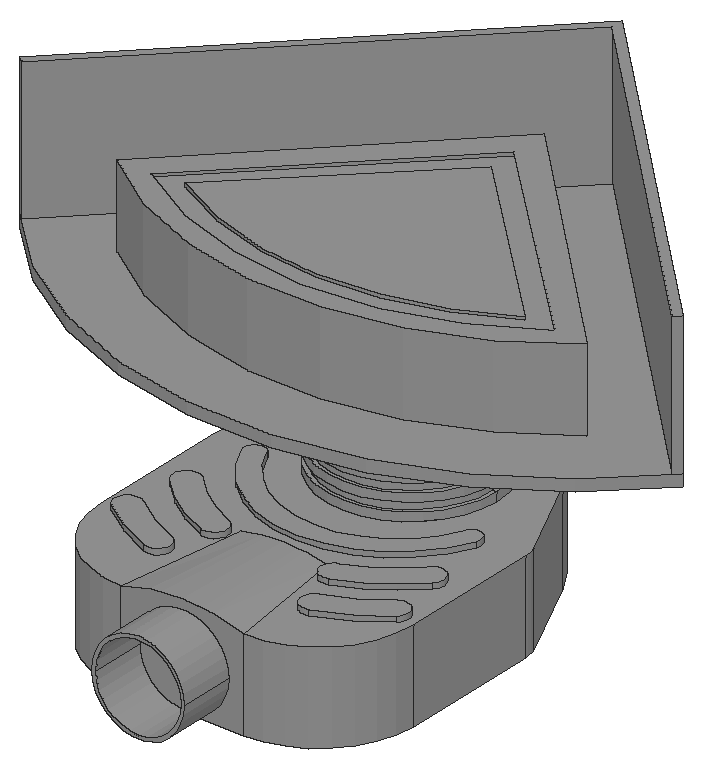
Revit family "LINEA INFLOOR LINE 60", category Plumbing Fixtures, Revit 2019
Family settings
  Round Connector Dimension = Use Diameter
  Part Type = Normal
  OmniClass Number = 23.45.00.00
  OmniClass Title = Sanitary, Laundry, and Cleaning Equipment
  Work Plane-Based = No
  Always vertical = Yes
  Cut with Voids When Loaded = No
  Shared = No
  Room Calculation Point = No
Reference planes
  plane 1 "Center (Front/Back)": y = 0
  plane 2: z = 0
  plane 3 "Center (Left/Right)": x = 0
Forms (mm)
  Revolve 1, solid
    sketch origin (0, 59.948, 26) x (1, 0, 0) y (0, 0, 1)
      loop
        line (192.5, 0) -> (192.5, -106) -> (242.5, -106) -> (242.5, -103) -> (240.26, -103) -> (240.26, -98) -> (242.5, -98) -> (242.5, -93) -> (240.26, -93) -> (240.26, -88) -> (242.5, -88) -> (242.5, -83) -> (240.26, -83) -> (240.26, -78) -> (242.5, -78) -> (242.5, -73) -> (240.26, -73) -> (240.26, -68) -> (242.5, -68) -> (242.5, -63) -> (240.26, -63) -> (240.26, -58) -> (242.5, -58) -> (242.5, -53) -> (240.26, -53) -> (240.26, -48) -> (242.5, -48) -> (242.5, -43) -> (240.26, -43) -> (240.26, -38) -> (242.5, -38) -> (242.5, -33) -> (240.26, -33) -> (240.26, -28) -> (242.5, -28) -> (242.5, 0) -> (192.5, 0)
      axis (192.5, -106) -> (192.5, 0)
    angle from 0 to 360
  Extrusion 2, solid
    sketch origin (0, 0, 0) x (1, 0, 0) y (0, 1, 0)
      loop
        line (101.5, 29.896) -> (101.5, -52.052)
        arc (101.5, -52.052) -> (117.609, -90.943) -> (156.5, -107.052) r 55
        line (156.5, -107.052) -> (228.5, -107.052)
        arc (228.5, -107.052) -> (267.391, -90.943) -> (283.5, -52.052) r 55
        line (283.5, -52.052) -> (283.5, 29.896)
        arc (283.5, 29.896) -> (283.085, 33.627) -> (281.862, 37.176) r 17
        line (281.862, 37.176) -> (256.659, 90.355)
        arc (256.659, 90.355) -> (192.5, 130.948) -> (128.341, 90.355) r 71
        line (128.341, 90.355) -> (103.138, 37.176)
        arc (103.138, 37.176) -> (101.915, 33.627) -> (101.5, 29.896) r 17
    from -106 to -53
  Extrusion 3, solid
    sketch origin (0, 0, 7.5) x (1, 0, 0) y (0, 0, 1)
      loop
        circle (192.5, -87) r 25
      loop
        circle (192.5, -87) r 27
    from 87.052 to 139.052
  Blend 4, solid
    base sketch origin (0, 0, 0) x (1, 0, 0) y (0, 0, 1)
      loop
        line (156.5, -53) -> (228.5, -53)
        arc (228.5, -53) -> (192.5, -47) -> (156.5, -53) r 111
    top sketch origin (0, 0, 0) x (1, 0, 0) y (0, 0, 1)
      loop
        line (167.222, -53) -> (217.778, -53)
        arc (217.778, -53) -> (192.5, -50) -> (167.222, -53) r 108
    from 107.052 to 33.19
  Extrusion 5, solid
    sketch origin (0, 0, 0) x (1, 0, 0) y (0, 1, 0)
      loop
        arc (135.068, 26.59) -> (127.25, 29.888) -> (123.952, 22.07) r 6
        arc (123.952, 22.07) -> (192.5, -24.052) -> (261.048, 22.07) r 74
        arc (261.048, 22.07) -> (257.75, 29.888) -> (249.932, 26.59) r 6
        arc (249.932, 26.59) -> (192.5, -12.052) -> (135.068, 26.59) r 62
      loop
        arc (126.84, -10.134) -> (115.996, -9.345) -> (115.733, -20.215) r 7.509
        arc (115.733, -20.215) -> (133.807, -35.907) -> (154.989, -47.052) r 104
        arc (154.989, -47.052) -> (164.69, -42.762) -> (160.399, -33.062) r 7.5
        arc (160.399, -33.062) -> (142.294, -23.539) -> (126.84, -10.134) r 89
      loop
        arc (119.682, -44.172) -> (108.999, -44.172) -> (108.999, -54.855) r 7.554
        arc (108.999, -54.855) -> (125.817, -66.282) -> (144.169, -75.033) r 134
        arc (144.169, -75.033) -> (153.869, -70.743) -> (149.579, -61.042) r 7.5
        arc (149.579, -61.042) -> (134.019, -53.691) -> (119.682, -44.172) r 119
      loop
        arc (258.16, -10.134) -> (242.706, -23.539) -> (224.601, -33.062) r 89
        arc (224.601, -33.062) -> (220.31, -42.762) -> (230.011, -47.052) r 7.5
        arc (230.011, -47.052) -> (251.193, -35.907) -> (269.267, -20.215) r 104
        arc (269.267, -20.215) -> (269.004, -9.345) -> (258.16, -10.134) r 7.509
      loop
        arc (265.318, -44.172) -> (250.981, -53.691) -> (235.421, -61.042) r 119
        arc (235.421, -61.042) -> (231.131, -70.743) -> (240.831, -75.033) r 7.5
        arc (240.831, -75.033) -> (259.183, -66.282) -> (276.001, -54.855) r 134
        arc (276.001, -54.855) -> (276.001, -44.172) -> (265.318, -44.172) r 7.554
    from -53 to -49.925
  Extrusion 6, solid
    sketch origin (0, 0, 0) x (1, 0, 0) y (0, 1, 0)
      loop
        arc (56.62, 14.948) -> (193.62, -35.052) -> (330.62, 14.948) r 212.69
        line (330.62, 14.948) -> (193.62, 154.948) -> (56.62, 14.948)
    from 33.095 to 81
  Extrusion 7, solid
    sketch origin (0, 0, 0) x (1, 0, 0) y (0, 1, 0)
      loop
        line (193.62, 212.139) -> (0.448, 14.737)
        arc (0.448, 14.737) -> (193.62, -75.052) -> (386.792, 14.737) r 252.69
        line (386.792, 14.737) -> (193.62, 212.139)
    from 26 to 33.095
  Extrusion 8, solid
    sketch origin (0, 0, 0) x (1, 0, 0) y (0, 1, 0)
      loop
        line (0.448, 14.737) -> (3.983, 11.201) -> (193.62, 204.99) -> (383.218, 11.24) -> (386.754, 14.775) -> (193.62, 212.139) -> (0.448, 14.737)
    from 33.095 to 115.405
  Extrusion 9, void
    sketch origin (0, 0, 0) x (1, 0, 0) y (0, 1, 0)
      loop
        line (193.62, 133.501) -> (76.989, 14.317)
        arc (76.989, 14.317) -> (194.535, -23.05) -> (311.734, 15.387) r 200.69
        line (311.734, 15.387) -> (193.62, 133.501)
      loop
        line (193.62, 116.344) -> (94.41, 17.134)
        arc (94.41, 17.134) -> (193.62, -11.052) -> (292.829, 17.134) r 188.69
        line (292.829, 17.134) -> (193.62, 116.344)
    from 79.339 to 81
Cuts and joins
  joined: Extrusion 2, Extrusion 3, Blend 4
  Extrusion 9 cuts Revolve 1
  Extrusion 9 cuts Extrusion 6
  Extrusion 9 cuts Extrusion 7
Dimensions and locks
  aligned and locked: level to plane 2
Connectors
  piping at (192.5, -139.052, -79.5), diameter 50
    settings: on cut or joined group of Extrusion 2, Extrusion 3, Blend 4, index 1, connector inside diameter 609.6 mm, connector length 0 mm, flow factor 0, pipe flow 0.0 L/s, pressure drop 0.0 Pa, fitting loss kfactor 0, connector angle 0.00°, fixture units 0, engagement length 0 mm, angle of deflection 0.00°, flow configuration 0, flow direction 0, fitting loss method 0, system type 7, joint type 0, gender type 0, connector reference index -1, connector utility 0, adjustable connector no, is connector primary yes, connector description ""
